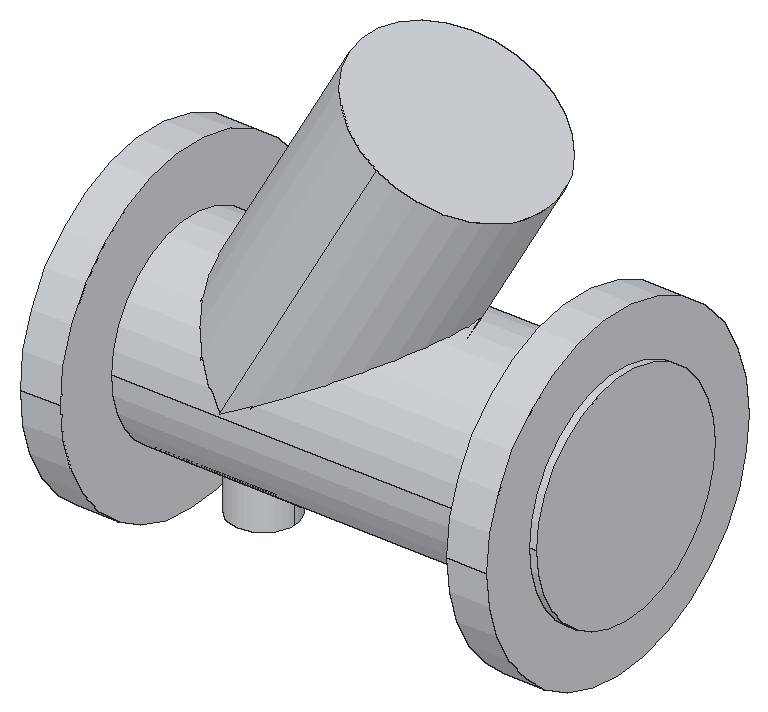
Revit family "HS 821-síto_jemné-PN25-DN125-RFA_2019", category Pipe Accessories, Revit 2019
Family settings
  Round Connector Dimension = Use Diameter
  Part Type = Breaks Into
  Work Plane-Based = No
  Always vertical = Yes
  Cut with Voids When Loaded = No
  Shared = No
Parameters (values of type "821D-DN125-PN25-síto_jemné")
  magiProductId = "77cc98d60da24855999a22dff726b2"
  magiProductFamilyId = "79214ac3aaa945e397802f559f5c1e"
  magiPartTypeId = 307
  isMeasuringValve [instance] = no
  ang2D [instance] = 0.00°
  ZB__ve = -ZB  # -42.5 mm
  ZB1 = 74.52 mm
  ZB = 42.5 mm
  X2 = 131.888 mm
  X1 = 56 mm
  W2D = 15 mm
  VersionID = "2.0/2017.9.26.1/ZETKAMA_821_001"
  Use Minimum Symbol Size [instance] = yes
  URL = "www.hydronic.cz"
  Type Comments = "Filtr přírubový; síto jemné; A-PN16 (-10~300°C); D-PN25 (-10~350°C); F-PN40 (-10~400°C)"
  S = 184 mm
  QmdConnectorList = "301;D;302;D"
  Productdata [instance] = ""
  Manufacturer = "Hydronic Systems Prague s.r.o."
  MC Product Code = "210 291 (821D; DN125; PN25; kvs268,8; oko síta 0,63mm)"
  LM1 = 32 mm
  LM = 320 mm
  L4 = 100 mm
  L2D_Min = 3048 mm
  L2D = 130 mm
  L2 = 200 mm
  HH2 = 228.438 mm
  FD = 270 mm
  Description = "Filtr přírubový; síto jemné; 821A-PN16; 821D-PN25; 821F-PN40"
  DM1 = 165 mm
  DM = 165.6 mm
  D = 125 mm
  CC = 6.8 mm
  CAT0 = yes
  C1 = 33.2 mm
  C = 40 mm
  BD = 52.164 mm
Types (40, lengths in mm): name | magiProductId | ZB__ve | ZB1 | ZB | X2 | X1 | S | MC Product Code | LM1 | LM | L4 | L2 | HH2 | FD | DM1 | DM | D | CC | C1 | C | BD
  821A-DN015-PN16-síto_jemné | "a71bcfe8b393460598b23e8ddf7dc5" | -16.25 | 18.63 | 16.25 | 46.982 | 18.2 | 46 | "210 115 (821A; DN015; PN16; kvs6,2; oko síta 0,63mm)" | 10.4 | 104 | 32.5 | 65 | 81.375 | 95 | 27.6 | 41.4 | 15 | 2.21 | 10.79 | 13 | 13.041
  821A-DN020-PN16-síto_jemné | "41cd6c7a12924f4991217528336076" | -17.75 | 22.68 | 17.75 | 51.673 | 21 | 56 | "210 120 (821A; DN020; PN16; kvs9,6; oko síta 0,63mm)" | 12 | 120 | 37.5 | 75 | 89.5 | 105 | 33.6 | 50.4 | 20 | 2.55 | 12.45 | 15 | 15.876
  821A-DN025-PN16-síto_jemné | "be378b463ed14c3abf4c9b3ae8cf3a" | -19.25 | 26.325 | 19.25 | 58.601 | 22.4 | 65 | "210 125 (821A; DN025; PN16; kvs14,2; oko síta 0,63mm)" | 12.8 | 128 | 40 | 80 | 101.5 | 115 | 43.2 | 58.5 | 25 | 2.72 | 13.28 | 16 | 18.427
  821A-DN032-PN16-síto_jemné | "227a0d18b21540afabe8b6067d35fa" | -23 | 30.78 | 23 | 68.849 | 25.2 | 76 | "210 132 (821A; DN032; PN16; kvs23,1; oko síta 0,63mm)" | 14.4 | 144 | 45 | 90 | 119.25 | 140 | 50.4 | 68.4 | 32 | 3.06 | 14.94 | 18 | 21.546
  821A-DN040-PN16-síto_jemné | "d106917c74724141a10440112d0102" | -24.5 | 34.02 | 24.5 | 75.777 | 28 | 84 | "210 140 (821A; DN040; PN16; kvs36,6; oko síta 0,63mm)" | 16 | 160 | 50 | 100 | 131.25 | 150 | 60 | 75.6 | 40 | 3.4 | 16.6 | 20 | 23.814
  821A-DN050-PN16-síto_jemné | "8255d456a09e4f6486734f5dd9171b" | -26.75 | 40.095 | 26.75 | 79.061 | 32.2 | 99 | "210 150 (821A; DN050 PN16; kvs53,7; oko síta 0,63mm)" | 18.4 | 184 | 57.5 | 115 | 136.938 | 165 | 73.8 | 89.1 | 50 | 3.91 | 19.09 | 23 | 28.066
  821A-DN065-PN16-síto_jemné | "235b1b3e4c0843779a4d5e3716d40a" | -29.75 | 47.79 | 29.75 | 86.927 | 40.6 | 118 | "210 165 (821A; DN065; PN16; kvs95,1; oko síta 0,63mm)" | 23.2 | 232 | 72.5 | 145 | 150.562 | 185 | 94.2 | 106.2 | 65 | 4.93 | 24.07 | 29 | 33.453
  821A-DN080-PN16-síto_jemné | "a067f7c5236348ed8c820d16df7214" | -32 | 53.46 | 32 | 104.753 | 43.4 | 132 | "210 180 (821A; DN080; PN16; kvs137,1; oko síta 0,63mm)" | 24.8 | 248 | 77.5 | 155 | 181.438 | 200 | 107.4 | 118.8 | 80 | 5.27 | 25.73 | 31 | 37.422
  821A-DN100-PN16-síto_jemné | "c49a648c2747461285837d643703cd" | -35 | 63.18 | 35 | 114.857 | 49 | 156 | "210 190 (821A; DN100; PN16; kvs206,4; oko síta 0,63mm)" | 28 | 280 | 87.5 | 175 | 198.937 | 220 | 131.4 | 140.4 | 100 | 5.95 | 29.05 | 35 | 44.226
  821A-DN125-PN16-síto_jemné | "bf68e728a163493cbd2a663b26ebdc" | -39.5 | 74.52 | 39.5 | 131.888 | 56 | 184 | "210 191 (821A; DN125; PN16; kvs268,8; oko síta 0,63mm)" | 32 | 320 | 100 | 200 | 228.438 | 250 | 165 | 165.6 | 125 | 6.8 | 33.2 | 40 | 52.164
  821A-DN150-PN16-síto_jemné | "2de770284b654863ae6bc865769dc5" | -44.75 | 85.455 | 44.75 | 155.885 | 67.2 | 211 | "210 192 (821A; DN150; PN16; kvs401,4; oko síta 0,63mm)" | 38.4 | 384 | 120 | 240 | 270 | 285 | 192 | 189.9 | 150 | 8.16 | 39.84 | 48 | 59.818
  821A-DN200-PN16-síto_jemné | "8e5693371ab64aabb29a7f08c76e15" | -53 | 107.73 | 53 | 188.361 | 84 | 266 | "210 193 (821A; DN200; PN16; kvs706,7; oko síta 0,63mm)" | 48 | 480 | 150 | 300 | 326.25 | 340 | 252 | 239.4 | 200 | 10.2 | 49.8 | 60 | 75.411
  821A-DN250-PN16-síto_jemné | "05e37ed948c34047acdd4c42556504" | -62.75 | 129.195 | 62.75 | 255.911 | 102.2 | 319 | "210 194 (821A; DN250; PN16; kvs1229,4; oko síta 0,63mm)" | 58.4 | 584 | 182.5 | 365 | 443.25 | 405 | 309.6 | 287.1 | 250 | 12.41 | 60.59 | 73 | 90.436
  821A-DN300-PN16-síto_jemné | "9ad0af747269428da925480d83ce80" | -71 | 149.85 | 71 | 325.914 | 119 | 370 | "210 195 (821A; DN300; PN16; kvs1902,4; oko síta 0,63mm)" | 68 | 680 | 212.5 | 425 | 564.5 | 460 | 369.6 | 333 | 300 | 14.45 | 70.55 | 85 | 104.895
  821A-DN350-PN16-síto_jemné | "eebc71459bb3451bb4355e7951370a" | -80 | 173.745 | 80 | 356.875 | 137.2 | 429 | "200 196 (821A; DN350; PN16; kvs2611,0; oko síta 0,63mm)" | 78.4 | 784 | 245 | 490 | 618.125 | 520 | 438 | 386.1 | 350 | 16.66 | 81.34 | 98 | 121.621
  821A-DN400-PN16-síto_jemné | "d2f677cb196647e385b2590e7d8abe" | -89 | 194.4 | 89 | 392.237 | 154 | 480 | "210 197 (821A; DN400; PN16; kvs3438,4; oko síta 0,63mm)" | 88 | 880 | 275 | 550 | 679.375 | 580 | 498 | 432 | 400 | 18.7 | 91.3 | 110 | 136.08
  821D-DN015-PN25-síto_jemné | "27ddcbf555414f8ca1fde329bf9087" | -16.25 | 18.63 | 16.25 | 46.982 | 18.2 | 46 | "210 215 (821D; DN015; PN25; kvs6,2; oko síta 0,63mm)" | 10.4 | 104 | 32.5 | 65 | 81.375 | 95 | 27.6 | 41.4 | 15 | 2.21 | 10.79 | 13 | 13.041
  821D-DN020-PN25-síto_jemné | "270e0f14012f47189cd0235c18faee" | -17.75 | 22.68 | 17.75 | 51.673 | 21 | 56 | "210 220 (821D; DN020; PN25; kvs9,6; oko síta 0,63mm)" | 12 | 120 | 37.5 | 75 | 89.5 | 105 | 33.6 | 50.4 | 20 | 2.55 | 12.45 | 15 | 15.876
  821D-DN025-PN25-síto_jemné | "b9a7fb4aa36643878c637d8e1ab992" | -19.25 | 26.325 | 19.25 | 58.601 | 22.4 | 65 | "210 225 (821D; DN025; PN25; kvs14,2; oko síta 0,63mm)" | 12.8 | 128 | 40 | 80 | 101.5 | 115 | 43.2 | 58.5 | 25 | 2.72 | 13.28 | 16 | 18.427
  821D-DN032-PN25-síto_jemné | "6be9a55c4e68400f94eec7e804204c" | -23 | 30.78 | 23 | 68.849 | 25.2 | 76 | "210 232 (821D; DN032; PN25; kvs23,1; oko síta 0,63mm)" | 14.4 | 144 | 45 | 90 | 119.25 | 140 | 50.4 | 68.4 | 32 | 3.06 | 14.94 | 18 | 21.546
  821D-DN040-PN25-síto_jemné | "c54511bd7f584ec2984291479612cb" | -24.5 | 34.02 | 24.5 | 75.777 | 28 | 84 | "210 240 (821D; DN040; PN25; kvs36,6; oko síta 0,63mm)" | 16 | 160 | 50 | 100 | 131.25 | 150 | 60 | 75.6 | 40 | 3.4 | 16.6 | 20 | 23.814
  821D-DN050-PN25-síto_jemné | "5483b1f596b04cd39b23a14a22c90e" | -26.75 | 40.095 | 26.75 | 79.061 | 32.2 | 99 | "210 250 (821D; DN050; PN25; kvs53,7; oko síta 0,63mm)" | 18.4 | 184 | 57.5 | 115 | 136.938 | 165 | 73.8 | 89.1 | 50 | 3.91 | 19.09 | 23 | 28.066
  821D-DN065-PN25-síto_jemné | "767b0f8318e94750bc7a9930ed5b30" | -29.75 | 47.79 | 29.75 | 86.927 | 40.6 | 118 | "210 265 (821D; DN065; PN25; kvs95,1; oko síta 0,63mm)" | 23.2 | 232 | 72.5 | 145 | 150.562 | 185 | 94.2 | 106.2 | 65 | 4.93 | 24.07 | 29 | 33.453
  821D-DN080-PN25-síto_jemné | "e21040fa3cc2404b858198f6b73709" | -32 | 53.46 | 32 | 104.753 | 43.4 | 132 | "210 280 (821D; DN080; PN25; kvs137,1; oko síta 0,63mm)" | 24.8 | 248 | 77.5 | 155 | 181.438 | 200 | 107.4 | 118.8 | 80 | 5.27 | 25.73 | 31 | 37.422
  821D-DN100-PN25-síto_jemné | "175ca87a506b40b3bc6b82f12f33cf" | -37.25 | 63.18 | 37.25 | 114.857 | 49 | 156 | "210 290 (821D; DN100; PN25; kvs206,4; oko síta 0,63mm)" | 28 | 280 | 87.5 | 175 | 198.937 | 235 | 131.4 | 140.4 | 100 | 5.95 | 29.05 | 35 | 44.226
  821D-DN125-PN25-síto_jemné | "77cc98d60da24855999a22dff726b2" | -42.5 | 74.52 | 42.5 | 131.888 | 56 | 184 | "210 291 (821D; DN125; PN25; kvs268,8; oko síta 0,63mm)" | 32 | 320 | 100 | 200 | 228.438 | 270 | 165 | 165.6 | 125 | 6.8 | 33.2 | 40 | 52.164
  821D-DN150-PN25-síto_jemné | "9cf8acfcd15547d68e83172d3abcbe" | -47 | 85.455 | 47 | 155.885 | 67.2 | 211 | "210 292 (821D; DN150; PN25; kvs401,4; oko síta 0,63mm)" | 38.4 | 384 | 120 | 240 | 270 | 300 | 192 | 189.9 | 150 | 8.16 | 39.84 | 48 | 59.818
  821D-DN200-PN25-síto_jemné | "16973f3c9ea14389ba8602495a6b64" | -56 | 110.97 | 56 | 188.361 | 84 | 274 | "210 293 (821D; DN200; PN25; kvs706,7; oko síta 0,63mm)" | 48 | 480 | 150 | 300 | 326.25 | 360 | 252 | 246.6 | 200 | 10.2 | 49.8 | 60 | 77.679
  821F-DN015-PN40-síto_jemné | "4c7eaf3c4c0340888b3e684d8a8616" | -16.25 | 18.225 | 16.25 | 46.982 | 18.2 | 45 | "250 615 (821F; DN015; PN40; kvs6,2; oko síta 0,63mm)" | 10.4 | 104 | 32.5 | 65 | 81.375 | 95 | 27.6 | 40.5 | 15 | 2.21 | 10.79 | 13 | 12.757
  821F-DN020-PN40-síto_jemné | "aaac5f1ec96b44d6ba96ac2293d66d" | -17.75 | 23.49 | 17.75 | 51.673 | 21 | 58 | "250 620 (821F; DN020; PN40; kvs9,6; oko síta 0,63mm)" | 12 | 120 | 37.5 | 75 | 89.5 | 105 | 33.6 | 52.2 | 20 | 2.55 | 12.45 | 15 | 16.443
  821F-DN025-PN40-síto_jemné | "504768023968471481789485b54c7e" | -19.25 | 27.54 | 19.25 | 58.601 | 22.4 | 68 | "250 625 (821F; DN025; PN40; kvs14,2; oko síta 0,63mm)" | 12.8 | 128 | 40 | 80 | 101.5 | 115 | 43.2 | 61.2 | 25 | 2.72 | 13.28 | 16 | 19.278
  821F-DN032-PN40-síto_jemné | "165e7f39cf744f329bdf1c400dad12" | -23 | 31.59 | 23 | 68.849 | 25.2 | 78 | "250 632 (821F; DN032; PN40; kvs23,1; oko síta 0,63mm)" | 14.4 | 144 | 45 | 90 | 119.25 | 140 | 50.4 | 70.2 | 32 | 3.06 | 14.94 | 18 | 22.113
  821F-DN040-PN40-síto_jemné | "b8903f952089408fbf3a5a632bab1f" | -24.5 | 35.64 | 24.5 | 75.777 | 28 | 88 | "250 640 (821F; DN040; PN40; kvs36,6; oko síta 0,63mm)" | 16 | 160 | 50 | 100 | 131.25 | 150 | 60 | 79.2 | 40 | 3.4 | 16.6 | 20 | 24.948
  821F-DN050-PN40-síto_jemné | "c451f97266fe48da8f879cb6a2bd44" | -26.75 | 41.31 | 26.75 | 79.061 | 32.2 | 102 | "250 650 (821F; DN050; PN40; kvs53,7; oko síta 0,63mm)" | 18.4 | 184 | 57.5 | 115 | 136.938 | 165 | 73.8 | 91.8 | 50 | 3.91 | 19.09 | 23 | 28.917
  821F-DN065-PN40-síto_jemné | "dc9821e3f9b34e128f6a8c6b34c198" | -29.75 | 49.41 | 29.75 | 86.927 | 40.6 | 122 | "250 665 (821F; DN065; PN40; kvs95,1; oko síta 0,63mm)" | 23.2 | 232 | 72.5 | 145 | 150.562 | 185 | 94.2 | 109.8 | 65 | 4.93 | 24.07 | 29 | 34.587
  821F-DN080-PN40-síto_jemné | "689aa1e260f84cf4994f027a1d86b5" | -32 | 55.89 | 32 | 104.753 | 43.4 | 138 | "250 680 (821F; DN080; PN40; kvs137,1; oko síta 0,63mm)" | 24.8 | 248 | 77.5 | 155 | 181.438 | 200 | 107.4 | 124.2 | 80 | 5.27 | 25.73 | 31 | 39.123
  821F-DN100-PN40-síto_jemné | "8a45d4e8e2ab425f8c432f21d684f3" | -37.25 | 65.61 | 37.25 | 114.857 | 49 | 162 | "250 690 (821F; DN100; PN40; kvs206,4; oko síta 0,63mm)" | 28 | 280 | 87.5 | 175 | 198.937 | 235 | 131.4 | 145.8 | 100 | 5.95 | 29.05 | 35 | 45.927
  821F-DN125-PN40-síto_jemné | "cf073904c006406b8645afa67ea2fc" | -42.5 | 76.14 | 42.5 | 131.888 | 56 | 188 | "250 691 (821F; DN125; PN40; kvs268,8; oko síta 0,63mm)" | 32 | 320 | 100 | 200 | 228.438 | 270 | 165 | 169.2 | 125 | 6.8 | 33.2 | 40 | 53.298
  821F-DN150-PN40-síto_jemné | "0153b9ddabe14992a630484929fdbc" | -47 | 88.29 | 47 | 155.885 | 67.2 | 218 | "250 692 (821F; DN150; PN40; kvs401,4; oko síta 0,63mm)" | 38.4 | 384 | 120 | 240 | 270 | 300 | 192 | 196.2 | 150 | 8.16 | 39.84 | 48 | 61.803
  821F-DN200-PN40-síto_jemné | "7fb3fc01dd8d42428c203e3f8dd4d5" | -56 | 115.425 | 56 | 188.361 | 84 | 285 | "250 693 (821F; DN200; PN40; kvs706,7; oko síta 0,63mm)" | 48 | 480 | 150 | 300 | 326.25 | 360 | 252 | 256.5 | 200 | 10.2 | 49.8 | 60 | 80.797
Reference planes
  plane 1 "Center (Front/Back)": y = 0
  plane 2 "XYPLANE": z = 0
  plane 3 "Center (Left/Right)": x = 0
  plane 4 "109": x = -128
  plane 5 "108": x = 160
  plane 6 "107": x = -160
  plane 7 "105": x = 200
  plane 8 "104": x = -200
  plane 9 "103": y = 0
  plane 10 "102": z = 0
  plane 11 "101": x = -193.2
  plane 12 "100": x = 193.2
  plane 13 "11": x = -72
  plane 14 "10": z = 228.438
  plane 15 "9": x = 59.888
  plane 16 "5": z = -74.52
  plane 17 "4": x = -100
  plane 18 "1": x = 100
Forms (mm)
  Extrusion 1, solid, visible <- "CAT0"
    sketch origin (-160, -750, 0) x (0, 1, 0) y (0, 0, 1)
      loop
        circle (750, 0) r 82.8
    from 0 to 320 <- "LM"
  Extrusion 2, solid
    sketch origin (-200, -750, 0) x (0, 1, 0) y (0, 0, 1)
      loop
        circle (750, 0) r 92
    from 0 to 6.8 <- "CC"
  Extrusion 3, solid
    sketch origin (-193.2, -750, 0) x (0, 1, 0) y (0, 0, 1)
      loop
        circle (750, 0) r 135
    from 0 to 33.2 <- "C1"
  Extrusion 4, solid
    sketch origin (160, -750, 0) x (0, 1, 0) y (0, 0, 1)
      loop
        circle (750, 0) r 135
    from 0 to 33.2 <- "C1"
  Extrusion 5, solid
    sketch origin (193.2, -750, 0) x (0, 1, 0) y (0, 0, 1)
      loop
        circle (750, 0) r 92
    from 0 to 6.8 <- "CC"
  Sweep 6, solid, visible <- "CAT0"
    path origin (750, 0, 0) x (-1, 0, 0) y (0, 0, 1)
      loop
        line (910, 0) -> (822, 0) -> (690.112, 228.438)
    profile origin (-160, 0, 0) x (0, 0, -1) y (0, 1, 0)
      loop
        circle (0, 0) r 82.5
  Extrusion 7, solid, visible <- "CAT0"
    sketch origin (-750, 0, -74.52) x (1, 0, 0) y (0, 1, 0)
      loop
        circle (650, 0) r 26.082
    from 0 to -42.5 <- "ZB__ve"
  Extrusion 8, solid, visible <- "CAT0"
    sketch origin (-750, 0, -74.52) x (1, 0, 0) y (0, 1, 0)
      loop
        circle (850, 0) r 26.082
    from 0 to -42.5 <- "ZB__ve"
  Extrusion 9, solid, not visible
    sketch origin (200, -750, 0) x (0, 1, 0) y (0, 0, 1)
      loop
        circle (750, 0) r 10
    from 0 to -10
  Extrusion 10, solid, not visible
    sketch origin (-200, -750, 0) x (0, 1, 0) y (0, 0, 1)
      loop
        circle (750, 0) r 10
    from 0 to 10
Lines and regions (mm)
  reference lines, not visible
    curve 1: circle (2, 2, 0) r 1 normal (0, 0, 1)
Dimensions and locks
  plane 1 "Center (Front/Back)" to curve 1 = 2 mm
  "LM1": plane 6 "107" to plane 4 "109"
  "LM": plane 6 "107" to plane 5 "108"
  "C": plane 8 "104" to plane 6 "107"
  "L2": plane 3 "Center (Left/Right)" to plane 7 "105"
  "L2": plane 3 "Center (Left/Right)" to plane 8 "104"
  locked: plane 1 "Center (Front/Back)" to plane 9 "103"
  locked: plane 2 "XYPLANE" to plane 10 "102"
  "CC": plane 8 "104" to plane 11 "101"
  "C1": plane 5 "108" to plane 12 "100"
  "X1": plane 4 "109" to plane 13 "11"
  "HH2": plane 2 "XYPLANE" to plane 14 "10"
  "X2": plane 13 "11" to plane 15 "9"
  "ZB1": plane 2 "XYPLANE" to plane 16 "5"
  "L4": plane 8 "104" to plane 17 "4"
  "L2": plane 17 "4" to plane 18 "1"
  Sweep 6 sketch curve to Sweep 6 sketch curve = 0 mm  (x2)
  "DM": diameter of Extrusion 1 sketch curve
  "S": diameter of Extrusion 2 sketch curve
  "FD": diameter of Extrusion 3 sketch curve
  "FD": diameter of Extrusion 4 sketch curve
  "S": diameter of Extrusion 5 sketch curve
  "DM1": diameter of Sweep 6 sketch curve
  "BD": diameter of Extrusion 7 sketch curve
  "BD": diameter of Extrusion 8 sketch curve
  aligned and locked: level to plane 2 "XYPLANE"
  aligned and locked: Extrusion 1 sketch curve to plane 9 "103"
  aligned and locked: plane 10 "102" to Extrusion 1 sketch curve
  aligned and locked: Extrusion 2 sketch curve to plane 9 "103"
  aligned and locked: plane 10 "102" to Extrusion 2 sketch curve
  aligned and locked: Extrusion 3 sketch curve to plane 9 "103"
  aligned and locked: plane 10 "102" to Extrusion 3 sketch curve
  aligned and locked: Extrusion 4 sketch curve to plane 9 "103"
  aligned and locked: plane 10 "102" to Extrusion 4 sketch curve
  aligned and locked: Extrusion 5 sketch curve to plane 9 "103"
  aligned and locked: plane 10 "102" to Extrusion 5 sketch curve
  aligned and locked: Sweep 6 sketch curve to plane 9 "103"
  aligned and locked: plane 10 "102" to Sweep 6 sketch curve  (x3)
  aligned and locked: plane 6 "107" to Sweep 6 sketch curve
  aligned and locked: plane 13 "11" to Sweep 6 sketch curve
  aligned and locked: plane 14 "10" to Sweep 6 sketch curve
  aligned and locked: plane 15 "9" to Sweep 6 sketch curve
  aligned and locked: plane 9 "103" to Extrusion 7 sketch curve
  aligned and locked: plane 17 "4" to Extrusion 7 sketch curve
  aligned and locked: plane 9 "103" to Extrusion 8 sketch curve
  aligned and locked: plane 18 "1" to Extrusion 8 sketch curve
  aligned and locked: Extrusion 9 sketch curve to plane 9 "103"
  aligned and locked: plane 10 "102" to Extrusion 9 sketch curve
  aligned and locked: Extrusion 10 sketch curve to plane 9 "103"
  aligned and locked: plane 10 "102" to Extrusion 10 sketch curve
Automatic sketch dimensions
  plane 1 "Center (Front/Back)" to Extrusion 9 sketch curve = 10 mm
  plane 1 "Center (Front/Back)" to Extrusion 10 sketch curve = 10 mm
  plane 3 "Center (Left/Right)" to curve 1 = 2 mm
  radius of curve 1 = 1 mm
Connectors
  piping at (-200, 0, 0), diameter 125, driven by "D"
    settings: on Extrusion 10, index 1, connector inside diameter 609.6 mm, connector length 0 mm, flow factor 0, pipe flow 0.0 L/s, pressure drop 0.0 Pa, fitting loss kfactor 0, connector angle 0.00°, fixture units 0, engagement length 0 mm, angle of deflection 0.00°, flow configuration 0, flow direction 0, fitting loss method 0, system type 29, joint type 0, gender type 0, connector reference index 2, connector utility 0, adjustable connector no, is connector primary yes, connector description ""
  piping at (200, 0, 0), diameter 125, driven by "D"
    settings: on Extrusion 9, index 2, connector inside diameter 609.6 mm, connector length 0 mm, flow factor 0, pipe flow 0.0 L/s, pressure drop 0.0 Pa, fitting loss kfactor 0, connector angle 0.00°, fixture units 0, engagement length 0 mm, angle of deflection 0.00°, flow configuration 0, flow direction 0, fitting loss method 0, system type 29, joint type 0, gender type 0, connector reference index 1, connector utility 0, adjustable connector no, is connector primary no, connector description ""
